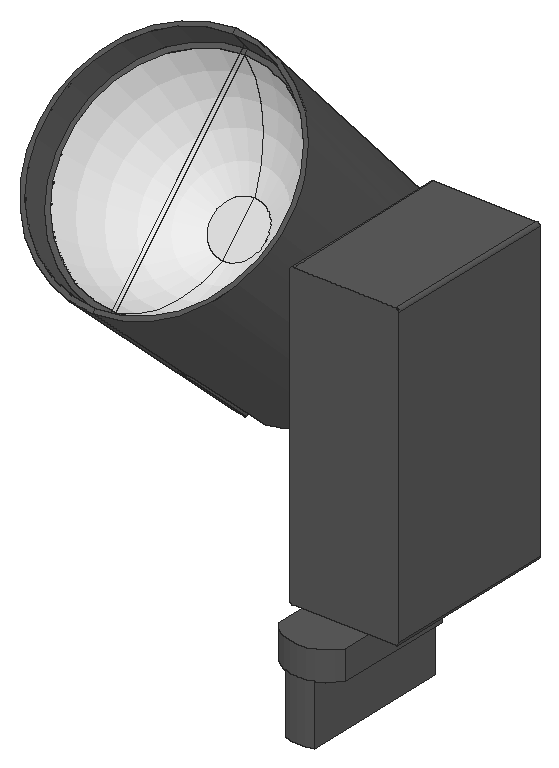
Revit family "0004903 Feilo Sylvania Lighting Fixture START TRACK SPOT L 35W 4K RA90 WB BLACK", category Lighting Fixtures, host Face, Revit 2017
Family settings
  Host = Face
  Round Connector Dimension = Use Diameter
  Part Type = Normal
  OmniClass Number = 23.80.70.00
  OmniClass Title = Lighting
  Cut with Voids When Loaded = No
  Light Source = No
  Shared = No
  Room Calculation Point = No
Parameters (values of type "0004903 START TRACK SPOT L 35W 4K RA90 WB BLACK")
  Weight = "1.368 kg"
  Wattage Comments = ""
  WarrantyStartDate [instance] = "n/a"
  WarrantyGuarantorParts = "n/a"
  WarrantyDurationUnit = "n/a"
  WarrantyDurationParts = "n/a"
  WarrantyDescription = "n/a"
  Voltage = 230 V
  URL = "http://www.sylvania-lighting.com"
  TypeName = "START TRACK SPOT L 35W 4K RA90 WB BLACK"
  TypeHead_FEILO = Start Track Spot Head : 0004903 START TRACK SPOT L 35W 4K RA90 WB BLACK
  TypeBox_FEILO = Start Track Spot Box : Type Large Black
  Type Image = <None>
  Type Comments = "n/a"
  VerticalRotation_FEILO [instance] = 0.00°
  SlideEndAngle_FEILO [instance] = VerticalRotation_FEILO + 180.00°  # 180.00°
  SerialNumber [instance] = "n/a"
  Material_3_FEILO = none
  PowerFactor = 0.93
  PowerConsumption = "35 W"
  NominalLength = 0 mm
  NominalHeight = 240 mm
  NominalDepth = 164 mm
  Name = "START TRACK SPOT L 35W 4K RA90 WB BLACK"
  ModelReference = Name  # "START TRACK SPOT L 35W 4K RA90 WB BLACK"
  ModelNumber = "0004903"
  Model = Name  # "START TRACK SPOT L 35W 4K RA90 WB BLACK"
  Material = "adc12 aluminium housing, polycarbonate diffuser"
  ManufacturerName = "Feilo Sylvania"
  Manufacturer = "Feilo Sylvania"
  LuminousEfficacy = "102 lm/W"
  LuminaireType = ""
  LightOutputRatio = "100"
  LampsType = Lamp  # "LED"
  LampNominalLuminous = "3562 lm"
  LampMacAdamStep = "3"
  LampColourTemperature = "4000 K"
  LampColourRenderingIndex = "90"
  Lamp = "LED"
  Keynote = "16500"
  InstallationDate [instance] = "n/a"
  InputVoltage = "230-240V~"
  InputNominalFrequency = "50/60 Hz"
  IngressProtection = "IP20"
  ImpactProtectionIndex = "IK02"
  IfcExportType = "IfcLightFixtureType"
  IfcExportAs = "IfcLightFixtureType"
  HorizontalRotation_FEILO [instance] = 45.00°
  ExpectedLife = 50000
  ElectricShockClassification = "Class II"
  DurationUnit = "hours"
  DocumentationLiterature = "http://www.sylvania-lighting.com/product/en-int/products/0004903"
  DimmingControlOptions = "Non dimmable"
  Material_2_FEILO = none
  Description = "Integrated LED spotlight, Textured Black - RAL9005, compact and minimalist design, ideal for retail applications, die-cast aluminium body, passive cooling heatsink. Beam angle: 52°, color temperature: 4000K , total system power: 35W, total fixture output: 3562 lm, LOR: 100%, colour rendering: Ra: 90 typical, LED Chromaticity: 3 step MacAdam ellipse, lifetime: >50000 hours at L70B50, energy class: A++, A+, A, IR/UV free light source without heat radiation, operating voltage: 220-240V / 50-60Hz, drive current: 900mA, electronic driver, non-dimmable, power factor: 0.93, electrical protection: Class II, Global Track 3 Phase adapter suitable for Global trac 3-circuit tracks, ingress protection rating: IP20, suitable for internal environment only, horizontal rotation: 355°, vertical tilt: 90°, dimensions: Ø113x164x240, weight: 1.368kg."
  Default Elevation = 1219.2 mm
  CreatedOn = "12/12/2017"
  CreatedBy = ""
  Cost = 0
  built-in parameter 1114216 [instance] = (empty or 0)
  ClassificationValue = "EF_70_80"
  ClassificationName = "Uniclass2015"
  Material_1_FEILO = Body-Sylvania-StartTrackSpot-Black
  BarCode [instance] = "n/a"
  AssetType = "Fixed"
  AssetIdentifier [instance] = "n/a"
  Assembly Code = "D5020200"
  Apparent Load = 35 VA
  Material_4_FEILO = none
Reference planes
  plane 1 "Center (Front/Back)": y = 0
  plane 2: z = 0
  plane 3 "Center (Left/Right)": x = 0
  plane 4: x = 15
  plane 5: x = -15
  plane 6: y = 35
  plane 7: y = -35
  plane 8: z = 13
  plane 9: z = -27
  plane 10: x = 6.5
  plane 11: x = -6.5
  plane 12: y = 27
  plane 13: y = -27
  plane 14: y = 20
Forms (mm)
  Extrusion 1, solid, material "Body-Sylvania-StartTrackSpot-Black" <- "Material_1_FEILO"
    sketch origin (0, 0, 0) x (1, 0, 0) y (0, 1, 0)
      loop
        line (-15, 27) -> (-15, -27)
        arc (-15, -27) -> (0, -35) -> (15, -27) r 18.062
        line (15, -27) -> (15, 27)
        arc (15, 27) -> (0, 35) -> (-15, 27) r 18.062
    from 0 to 13
  Extrusion 2, solid, material "Body-Sylvania-StartTrackSpot-Black" <- "Material_1_FEILO"
    sketch origin (0, 0, 0) x (1, 0, 0) y (0, 1, 0)
      loop
        arc (6.5, 33.79) -> (0, 35) -> (-6.5, 33.79) r 18.062
        line (-6.5, 33.79) -> (-6.5, -33.79)
        arc (-6.5, -33.79) -> (0, -35) -> (6.5, -33.79) r 18.062
        line (6.5, -33.79) -> (6.5, 33.79)
    from 0 to -27
  Revolve 3, solid, not visible
    sketch origin (1524, 20, 1219.2) x (1, 0, 0) y (0, 0, 1)
      loop
        line (-1524, -1206.2) -> (-1524, -1191.285) -> (-1530.5, -1191.285) -> (-1530.5, -1206.2) -> (-1524, -1206.2)
      axis (-1524, -1191.285) -> (-1524, -1206.2)
    angle from 0 <- "VerticalRotation_FEILO" to 180 <- "SlideEndAngle_FEILO"
Cuts and joins
  joined: Extrusion 1, Extrusion 2
Dimensions and locks
  equal spacing: plane 10, plane 3 "Center (Left/Right)", plane 11
  equal spacing: plane 4, plane 3 "Center (Left/Right)", plane 5
  locked: plane 8 to plane 2 at 13
  locked: plane 8 to plane 9 at 40
  equal spacing: plane 13, plane 1 "Center (Front/Back)", plane 12
  locked: plane 12 to plane 6 at 8
  locked: plane 14 to plane 6 at 15
  locked: Revolve 3 sketch curve to plane 8 at 14.915
  aligned and locked: plane 2 to host face
  aligned and locked: level to host face
  aligned and locked: plane 5 to Extrusion 1 sketch curve  (x2)
  aligned and locked: plane 12 to Extrusion 1 sketch curve
  aligned and locked: plane 13 to Extrusion 1 sketch curve
  aligned and locked: plane 4 to Extrusion 1 sketch curve
  aligned and locked: Extrusion 1 to plane 8
  aligned and locked: Extrusion 1 to level
  aligned and locked: Extrusion 2 sketch curve to Extrusion 1  (x2)
  aligned and locked: Extrusion 2 sketch curve to plane 11
  aligned and locked: plane 10 to Extrusion 2 sketch curve
  aligned and locked: plane 9 to Extrusion 2
  aligned and locked: level to Extrusion 2
  aligned and locked: Revolve 3 sketch curve to plane 3 "Center (Left/Right)"  (x2)
  aligned and locked: plane 11 to Revolve 3 sketch curve
  aligned and locked: Revolve 3 sketch curve to plane 8
Automatic sketch dimensions
  host sketch curve to host sketch curve = 2438.4 mm  (x2)
  Extrusion 1 sketch curve to plane 3 "Center (Left/Right)" = 0 mm  (x2)
  Extrusion 1 sketch curve to plane 13 = 10.062 mm
  plane 12 to Extrusion 1 sketch curve = 10.062 mm
  Revolve 3 sketch curve to plane 3 "Center (Left/Right)" = 0 mm
  plane 9 to Revolve 3 sketch curve = 582.6 mm
  Revolve 3 sketch curve to Revolve 3 sketch curve = 2581.144 mm
Nested families
  nested 1: "Start Track Spot Head" at (-75.5, 20, 133) x (0, 0.7071, 0.7071) z (0, 0.7071, -0.7071), type <- "TypeHead_FEILO", type "0004903 START TRACK SPOT L 35W 4K RA90 WB BLACK"
    with built-in parameter 1114216 (empty or 0)
  nested 2: "Start Track Spot Box" at (8.5, 20, 85) x (-1, 0, 0) z (0, -1, 0), BoxStartAngle_FEILO <- "HorizontalRotation_FEILO", type <- "TypeBox_FEILO", type "Type Large Black"
    with BoxStartAngle_FEILO 45.00°, BoxEndAngle_FEILO -135.00°
Connectors
  electrical at (0, 0, 0), driven by "Apparent Load", driven by "PowerFactor", driven by "Voltage"
    settings: index 1, voltage 230 V, apparent load 35 VA, apparent load phase1 0 VA, apparent load phase2 0 VA, apparent load phase3 0 VA, power factor 0.93, load classification "Lighting", number of poles 1, system type 30, power factor state 1, is connector primary yes, connector utility no, sub classification motor no, connector description ""
Definition of nested family "Start Track Spot Head"
  Parameters (values of type "0004811 START TRACK SPOT S 14W 3K RA80 NB WHITE")
    Wattage Comments = "n/a"
    Wattage = 14 W
    built-in parameter 1150110 = 1 (stored number, unit not read)
    URL = "http://www.feilosylvania.com"
    Type Image = (empty or 0)
    Type Comments = "n/a"
    built-in parameter 1114217 = 1 (stored number, unit not read)
    Tilt Angle = -90.00°
    built-in parameter 1150109 = 1 (stored number, unit not read)
    built-in parameter 1150134 = (empty or 0)
    built-in parameter 1150113 = 1 (stored number, unit not read)
    Photometric Web File = "0004811.ies"
    Material_3_FEILO = none
    Model = "START TRACK SPOT S 14W 3K RA80 NB WHITE"
    Manufacturer = "Feilo Sylvania"
    built-in parameter 1150105 = 123.66 (stored number, unit not read)
    Lumens = 1554 lm
    built-in parameter 1150115 = 1 (stored number, unit not read)
    built-in parameter 1150137 = (empty or 0)
    built-in parameter 1150139 = (empty or 0)
    built-in parameter 1150112 = 1 (stored number, unit not read)
    built-in parameter 1150114 = 1 (stored number, unit not read)
    Lamp = "LED"
    Keynote = "16500"
    Material_2_FEILO = none
    built-in parameter 1150132 = (empty or 0)
    built-in parameter 1150102 = (empty or 0)
    built-in parameter 1150107 = 3000 (stored number, unit not read)
    built-in parameter 1150138 = (empty or 0)
    built-in parameter 1150106 = 1.2366 (stored number, unit not read)
    HeadThickness_FEILO = if(HeadDiaOut_FEILO > 112 mm, 2 mm, 1.5 mm)  # 1.5 mm
    HeadRibOffset_FEILO = HeadHeight_FEILO / 28  # 4.179 mm
    HeadRibDepth_FEILO = HeadHeight_FEILO / 2.1  # 55.714 mm
    HeadRibCutWidth_FEILO = HeadDiaOut_FEILO / 12  # 7.167 mm
    HeadRibCutOffset_FEILO = HeadHeight_FEILO / 2.3  # 50.87 mm
    HeadReflectorRadius_FEILO = HeadDiaOut_FEILO / 1.7  # 50.588 mm
    HeadReflectorOffset_FEILO = HeadHeight_FEILO / 2.1  # 55.714 mm
    HeadLEDRadius_FEILO = HeadDiaOut_FEILO / 9  # 9.556 mm
    HeadHeight_FEILO = 117 mm
    HeadDraft_FEILO = 1 mm
    HeadDiffusorThickness_FEILO = 3 mm
    HeadDiffusorOffset_FEILO = HeadHeight_FEILO / 12.4  # 9.435 mm
    HeadDiaOut_FEILO = 86 mm
    HeadDiaIn_FEILO = HeadDiaOut_FEILO / 1.11  # 77.477 mm
    HeadAxisFromTop_FEILO = HeadHeight_FEILO / 1.687  # 69.354 mm
    Emit from Circle Diameter = HeadDiaIn_FEILO  # 77.477 mm
    Emit Shape Visible in Rendering = no
    built-in parameter 1150104 = 10.312 (stored number, unit not read)
    Dimming Lamp Color Temperature Shift = (empty or 0)
    Description = "Integrated LED spotlight, Textured White - RAL9016, compact and minimalist design, ideal for retail applications, die-cast aluminium body, passive cooling heatsink. Beam angle: 12°, color temperature: 3000K , total system power: 14W, total fixture output: 1551 lm, LOR: 100%, colour rendering: Ra: 80 typical, LED Chromaticity: 3 step MacAdam ellipse, lifetime: >50000 hours at L70B50, energy class: A++, A+, A, IR/UV free light source without heat radiation, operating voltage: 220-240V / 50-60Hz, drive current: 350mA, electronic driver, non-dimmable, power factor: 0.92, electrical protection: Class II, Global Track 3 Phase adapter suitable for Global trac 3-circuit tracks, ingress protection rating: IP20, suitable for internal environment only, horizontal rotation: 355°, vertical tilt: 90°, dimensions: Ø86x140x200, weight: 0.940kg."
    Default Elevation = 1219.2 mm
    Cost = 0
    Color Filter = 16777215
    built-in parameter 1114216 [instance] = (empty or 0)
    Material_1_FEILO = none
    built-in parameter 1114218 = 1 (stored number, unit not read)
    built-in parameter 1150133 = 10 (stored number, unit not read)
    Assembly Code = "D5020200"
    Apparent Load = 14 VA
    Material_4_FEILO = none
  Types (96, lengths in mm): name | Wattage | built-in parameter 1150134 | Photometric Web File | Model | built-in parameter 1150105 | Lumens | built-in parameter 1150107 | built-in parameter 1150106 | HeadThickness_FEILO | HeadRibOffset_FEILO | HeadRibDepth_FEILO | HeadRibCutWidth_FEILO | HeadRibCutOffset_FEILO | HeadReflectorRadius_FEILO | HeadReflectorOffset_FEILO | HeadLEDRadius_FEILO | HeadHeight_FEILO | HeadDiffusorOffset_FEILO | HeadDiaOut_FEILO | HeadDiaIn_FEILO | HeadAxisFromTop_FEILO | Emit from Circle Diameter | built-in parameter 1150104 | Description | Apparent Load
    0004906 START TRACK SPOT L 55W 4K RA90 WB BLACK | 55 W | 12 | "0004906.ies" | "START TRACK SPOT L 55W 4K RA90 WB BLACK" | 385.15 (stored number, unit not read) | 4840 lm | 4000 (stored number, unit not read) | 3.8515 (stored number, unit not read) | 2 | 4.429 | 59.048 | 9.417 | 53.913 | 66.471 | 59.048 | 12.556 | 124 | 10 | 113 | 101.802 | 73.503 | 101.802 | 8.1755 (stored number, unit not read) | "Integrated LED spotlight, Textured Black - RAL9005, compact and minimalist design, ideal for retail applications, die-cast aluminium body, passive cooling heatsink. Beam angle: 52°, color temperature: 4000K , total system power: 55W, total fixture output: 4824 lm, LOR: 100%, colour rendering: Ra: 90 typical, LED Chromaticity: 3 step MacAdam ellipse, lifetime: >50000 hours at L70B50, energy class: A++, A+, A, IR/UV free light source without heat radiation, operating voltage: 220-240V / 50-60Hz, drive current: 1400mA, electronic driver, non-dimmable, power factor: 0.96, electrical protection: Class II, Global Track 3 Phase adapter suitable for Global trac 3-circuit tracks, ingress protection rating: IP20, suitable for internal environment only, horizontal rotation: 355°, vertical tilt: 90°, dimensions: Ø113x164x240, weight: 1.398kg." | 55 VA
    0004905 START TRACK SPOT L 55W 4K RA90 MB BLACK | 55 W | 12 | "0004905.ies" | "START TRACK SPOT L 55W 4K RA90 MB BLACK" | 389.53 (stored number, unit not read) | 4895 lm | 4000 (stored number, unit not read) | 3.8953 (stored number, unit not read) | 2 | 4.429 | 59.048 | 9.417 | 53.913 | 66.471 | 59.048 | 12.556 | 124 | 10 | 113 | 101.802 | 73.503 | 101.802 | 8.2684 (stored number, unit not read) | "Integrated LED spotlight, Textured Black - RAL9005, compact and minimalist design, ideal for retail applications, die-cast aluminium body, passive cooling heatsink. Beam angle: 38°, color temperature: 4000K , total system power: 55W, total fixture output: 4897 lm, LOR: 100%, colour rendering: Ra: 90 typical, LED Chromaticity: 3 step MacAdam ellipse, lifetime: >50000 hours at L70B50, energy class: A++, A+, A, IR/UV free light source without heat radiation, operating voltage: 220-240V / 50-60Hz, drive current: 1400mA, electronic driver, non-dimmable, power factor: 0.96, electrical protection: Class II, Global Track 3 Phase adapter suitable for Global trac 3-circuit tracks, ingress protection rating: IP20, suitable for internal environment only, horizontal rotation: 355°, vertical tilt: 90°, dimensions: Ø113x164x240, weight: 1.398kg." | 55 VA
    0004904 START TRACK SPOT L 55W 4K RA90 NB BLACK | 55 W | 12 | "0004904.ies" | "START TRACK SPOT L 55W 4K RA90 NB BLACK" | 393.91 (stored number, unit not read) | 4950 lm | 4000 (stored number, unit not read) | 3.9391 (stored number, unit not read) | 2 | 4.429 | 59.048 | 9.417 | 53.913 | 66.471 | 59.048 | 12.556 | 124 | 10 | 113 | 101.802 | 73.503 | 101.802 | 8.3613 (stored number, unit not read) | "Integrated LED spotlight, Textured Black - RAL9005, compact and minimalist design, ideal for retail applications, die-cast aluminium body, passive cooling heatsink. Beam angle: 15°, color temperature: 4000K , total system power: 55W, total fixture output: 4965 lm, LOR: 100%, colour rendering: Ra: 90 typical, LED Chromaticity: 3 step MacAdam ellipse, lifetime: >50000 hours at L70B50, energy class: A++, A+, A, IR/UV free light source without heat radiation, operating voltage: 220-240V / 50-60Hz, drive current: 1400mA, electronic driver, non-dimmable, power factor: 0.96, electrical protection: Class II, Global Track 3 Phase adapter suitable for Global trac 3-circuit tracks, ingress protection rating: IP20, suitable for internal environment only, horizontal rotation: 355°, vertical tilt: 90°, dimensions: Ø113x164x240, weight: 1.398kg." | 55 VA
    0004903 START TRACK SPOT L 35W 4K RA90 WB BLACK | 35 W | 12 | "0004903.ies" | "START TRACK SPOT L 35W 4K RA90 WB BLACK" | 284.09 (stored number, unit not read) | 3570 lm | 4000 (stored number, unit not read) | 2.8409 (stored number, unit not read) | 2 | 4.429 | 59.048 | 9.417 | 53.913 | 66.471 | 59.048 | 12.556 | 124 | 10 | 113 | 101.802 | 73.503 | 101.802 | 9.4761 (stored number, unit not read) | "Integrated LED spotlight, Textured Black - RAL9005, compact and minimalist design, ideal for retail applications, die-cast aluminium body, passive cooling heatsink. Beam angle: 52°, color temperature: 4000K , total system power: 35W, total fixture output: 3562 lm, LOR: 100%, colour rendering: Ra: 90 typical, LED Chromaticity: 3 step MacAdam ellipse, lifetime: >50000 hours at L70B50, energy class: A++, A+, A, IR/UV free light source without heat radiation, operating voltage: 220-240V / 50-60Hz, drive current: 900mA, electronic driver, non-dimmable, power factor: 0.93, electrical protection: Class II, Global Track 3 Phase adapter suitable for Global trac 3-circuit tracks, ingress protection rating: IP20, suitable for internal environment only, horizontal rotation: 355°, vertical tilt: 90°, dimensions: Ø113x164x240, weight: 1.368kg." | 35 VA
    0004902 START TRACK SPOT L 35W 4K RA90 MB BLACK | 35 W | 12 | "0004902.ies" | "START TRACK SPOT L 35W 4K RA90 MB BLACK" | 286.88 (stored number, unit not read) | 3605 lm | 4000 (stored number, unit not read) | 2.8688 (stored number, unit not read) | 2 | 4.429 | 59.048 | 9.417 | 53.913 | 66.471 | 59.048 | 12.556 | 124 | 10 | 113 | 101.802 | 73.503 | 101.802 | 9.569 (stored number, unit not read) | "Integrated LED spotlight, Textured Black - RAL9005, compact and minimalist design, ideal for retail applications, die-cast aluminium body, passive cooling heatsink. Beam angle: 38°, color temperature: 4000K , total system power: 35W, total fixture output: 3616 lm, LOR: 100%, colour rendering: Ra: 90 typical, LED Chromaticity: 3 step MacAdam ellipse, lifetime: >50000 hours at L70B50, energy class: A++, A+, A, IR/UV free light source without heat radiation, operating voltage: 220-240V / 50-60Hz, drive current: 900mA, electronic driver, non-dimmable, power factor: 0.93, electrical protection: Class II, Global Track 3 Phase adapter suitable for Global trac 3-circuit tracks, ingress protection rating: IP20, suitable for internal environment only, horizontal rotation: 355°, vertical tilt: 90°, dimensions: Ø113x164x240, weight: 1.368kg." | 35 VA
    0004901 START TRACK SPOT L 35W 4K RA90 NB BLACK | 35 W | 12 | "0004901.ies" | "START TRACK SPOT L 35W 4K RA90 NB BLACK" | 286.88 (stored number, unit not read) | 3605 lm | 4000 (stored number, unit not read) | 2.8688 (stored number, unit not read) | 2 | 4.429 | 59.048 | 9.417 | 53.913 | 66.471 | 59.048 | 12.556 | 124 | 10 | 113 | 101.802 | 73.503 | 101.802 | 9.569 (stored number, unit not read) | "Integrated LED spotlight, Textured Black - RAL9005, compact and minimalist design, ideal for retail applications, die-cast aluminium body, passive cooling heatsink. Beam angle: 15°, color temperature: 4000K , total system power: 35W, total fixture output: 3593 lm, LOR: 100%, colour rendering: Ra: 90 typical, LED Chromaticity: 3 step MacAdam ellipse, lifetime: >50000 hours at L70B50, energy class: A++, A+, A, IR/UV free light source without heat radiation, operating voltage: 220-240V / 50-60Hz, drive current: 900mA, electronic driver, non-dimmable, power factor: 0.93, electrical protection: Class II, Global Track 3 Phase adapter suitable for Global trac 3-circuit tracks, ingress protection rating: IP20, suitable for internal environment only, horizontal rotation: 355°, vertical tilt: 90°, dimensions: Ø113x164x240, weight: 1.368kg." | 35 VA
    0004900 START TRACK SPOT S 24W 4K RA90 WB BLACK | 24 W | 12 | "0004900.ies" | "START TRACK SPOT S 24W 4K RA90 WB BLACK" | 166.16 (stored number, unit not read) | 2088 lm | 4000 (stored number, unit not read) | 1.6616 (stored number, unit not read) | 1.5 | 4.179 | 55.714 | 7.167 | 50.87 | 50.588 | 55.714 | 9.556 | 117 | 9.435 | 86 | 77.477 | 69.354 | 77.477 | 8.0826 (stored number, unit not read) | "Integrated LED spotlight, Textured Black - RAL9005, compact and minimalist design, ideal for retail applications, die-cast aluminium body, passive cooling heatsink. Beam angle: 64°, color temperature: 4000K , total system power: 24W, total fixture output: 2087 lm, LOR: 100%, colour rendering: Ra: 90 typical, LED Chromaticity: 3 step MacAdam ellipse, lifetime: >50000 hours at L70B50, energy class: A++, A+, A, IR/UV free light source without heat radiation, operating voltage: 220-240V / 50-60Hz, drive current: 600mA, electronic driver, non-dimmable, power factor: 0.95, electrical protection: Class II, Global Track 3 Phase adapter suitable for Global trac 3-circuit tracks, ingress protection rating: IP20, suitable for internal environment only, horizontal rotation: 355°, vertical tilt: 90°, dimensions: Ø86x140x200, weight: 0.966kg." | 24 VA
    0004899 START TRACK SPOT S 24W 4K RA90 MB BLACK | 24 W | 12 | "0004899.ies" | "START TRACK SPOT S 24W 4K RA90 MB BLACK" | 169.98 (stored number, unit not read) | 2136 lm | 4000 (stored number, unit not read) | 1.6998 (stored number, unit not read) | 1.5 | 4.179 | 55.714 | 7.167 | 50.87 | 50.588 | 55.714 | 9.556 | 117 | 9.435 | 86 | 77.477 | 69.354 | 77.477 | 8.2684 (stored number, unit not read) | "Integrated LED spotlight, Textured Black - RAL9005, compact and minimalist design, ideal for retail applications, die-cast aluminium body, passive cooling heatsink. Beam angle: 36°, color temperature: 4000K , total system power: 24W, total fixture output: 2141 lm, LOR: 100%, colour rendering: Ra: 90 typical, LED Chromaticity: 3 step MacAdam ellipse, lifetime: >50000 hours at L70B50, energy class: A++, A+, A, IR/UV free light source without heat radiation, operating voltage: 220-240V / 50-60Hz, drive current: 600mA, electronic driver, non-dimmable, power factor: 0.95, electrical protection: Class II, Global Track 3 Phase adapter suitable for Global trac 3-circuit tracks, ingress protection rating: IP20, suitable for internal environment only, horizontal rotation: 355°, vertical tilt: 90°, dimensions: Ø86x140x200, weight: 0.966kg." | 24 VA
    0004898 START TRACK SPOT S 24W 4K RA90 NB BLACK | 24 W | 12 | "0004898.ies" | "START TRACK SPOT S 24W 4K RA90 NB BLACK" | 171.89 (stored number, unit not read) | 2160 lm | 4000 (stored number, unit not read) | 1.7189 (stored number, unit not read) | 1.5 | 4.179 | 55.714 | 7.167 | 50.87 | 50.588 | 55.714 | 9.556 | 117 | 9.435 | 86 | 77.477 | 69.354 | 77.477 | 8.3613 (stored number, unit not read) | "Integrated LED spotlight, Textured Black - RAL9005, compact and minimalist design, ideal for retail applications, die-cast aluminium body, passive cooling heatsink. Beam angle: 12°, color temperature: 4000K , total system power: 24W, total fixture output: 2155 lm, LOR: 100%, colour rendering: Ra: 90 typical, LED Chromaticity: 3 step MacAdam ellipse, lifetime: >50000 hours at L70B50, energy class: A++, A+, A, IR/UV free light source without heat radiation, operating voltage: 220-240V / 50-60Hz, drive current: 600mA, electronic driver, non-dimmable, power factor: 0.95, electrical protection: Class II, Global Track 3 Phase adapter suitable for Global trac 3-circuit tracks, ingress protection rating: IP20, suitable for internal environment only, horizontal rotation: 355°, vertical tilt: 90°, dimensions: Ø86x140x200, weight: 0.966kg." | 24 VA
    0004897 START TRACK SPOT S 14W 4K RA90 WB BLACK | 14 W | 12 | "0004897.ies" | "START TRACK SPOT S 14W 4K RA90 WB BLACK" | 108.07 (stored number, unit not read) | 1358 lm | 4000 (stored number, unit not read) | 1.0807 (stored number, unit not read) | 1.5 | 4.179 | 55.714 | 7.167 | 50.87 | 50.588 | 55.714 | 9.556 | 117 | 9.435 | 86 | 77.477 | 69.354 | 77.477 | 9.0116 (stored number, unit not read) | "Integrated LED spotlight, Textured Black - RAL9005, compact and minimalist design, ideal for retail applications, die-cast aluminium body, passive cooling heatsink. Beam angle: 64°, color temperature: 4000K , total system power: 14W, total fixture output: 1352 lm, LOR: 100%, colour rendering: Ra: 90 typical, LED Chromaticity: 3 step MacAdam ellipse, lifetime: >50000 hours at L70B50, energy class: A++, A+, A, IR/UV free light source without heat radiation, operating voltage: 220-240V / 50-60Hz, drive current: 350mA, electronic driver, non-dimmable, power factor: 0.92, electrical protection: Class II, Global Track 3 Phase adapter suitable for Global trac 3-circuit tracks, ingress protection rating: IP20, suitable for internal environment only, horizontal rotation: 355°, vertical tilt: 90°, dimensions: Ø86x140x200, weight: 0.940kg." | 14 VA
    0004896 START TRACK SPOT S 14W 4K RA90 MB BLACK | 14 W | 12 | "0004896.ies" | "START TRACK SPOT S 14W 4K RA90 MB BLACK" | 108.07 (stored number, unit not read) | 1358 lm | 4000 (stored number, unit not read) | 1.0807 (stored number, unit not read) | 1.5 | 4.179 | 55.714 | 7.167 | 50.87 | 50.588 | 55.714 | 9.556 | 117 | 9.435 | 86 | 77.477 | 69.354 | 77.477 | 9.0116 (stored number, unit not read) | "Integrated LED spotlight, Textured Black - RAL9005, compact and minimalist design, ideal for retail applications, die-cast aluminium body, passive cooling heatsink. Beam angle: 36°, color temperature: 4000K , total system power: 14W, total fixture output: 1359 lm, LOR: 100%, colour rendering: Ra: 90 typical, LED Chromaticity: 3 step MacAdam ellipse, lifetime: >50000 hours at L70B50, energy class: A++, A+, A, IR/UV free light source without heat radiation, operating voltage: 220-240V / 50-60Hz, drive current: 350mA, electronic driver, non-dimmable, power factor: 0.92, electrical protection: Class II, Global Track 3 Phase adapter suitable for Global trac 3-circuit tracks, ingress protection rating: IP20, suitable for internal environment only, horizontal rotation: 355°, vertical tilt: 90°, dimensions: Ø86x140x200, weight: 0.940kg." | 14 VA
    0004895 START TRACK SPOT S 14W 4K RA90 NB BLACK | 14 W | 12 | "0004895.ies" | "START TRACK SPOT S 14W 4K RA90 NB BLACK" | 106.95 (stored number, unit not read) | 1344 lm | 4000 (stored number, unit not read) | 1.0695 (stored number, unit not read) | 1.5 | 4.179 | 55.714 | 7.167 | 50.87 | 50.588 | 55.714 | 9.556 | 117 | 9.435 | 86 | 77.477 | 69.354 | 77.477 | 8.9187 (stored number, unit not read) | "Integrated LED spotlight, Textured Black - RAL9005, compact and minimalist design, ideal for retail applications, die-cast aluminium body, passive cooling heatsink. Beam angle: 12°, color temperature: 4000K , total system power: 14W, total fixture output: 1349 lm, LOR: 100%, colour rendering: Ra: 90 typical, LED Chromaticity: 3 step MacAdam ellipse, lifetime: >50000 hours at L70B50, energy class: A++, A+, A, IR/UV free light source without heat radiation, operating voltage: 220-240V / 50-60Hz, drive current: 350mA, electronic driver, non-dimmable, power factor: 0.92, electrical protection: Class II, Global Track 3 Phase adapter suitable for Global trac 3-circuit tracks, ingress protection rating: IP20, suitable for internal environment only, horizontal rotation: 355°, vertical tilt: 90°, dimensions: Ø86x140x200, weight: 0.940kg." | 14 VA
    0004894 START TRACK SPOT L 55W 3K RA90 WB BLACK | 55 W | (empty or 0) | "0004894.ies" | "START TRACK SPOT L 55W 3K RA90 WB BLACK" | 350.14 (stored number, unit not read) | 4400 lm | 3000 (stored number, unit not read) | 3.5014 (stored number, unit not read) | 2 | 4.429 | 59.048 | 9.417 | 53.913 | 66.471 | 59.048 | 12.556 | 124 | 10 | 113 | 101.802 | 73.503 | 101.802 | 7.4322 (stored number, unit not read) | "Integrated LED spotlight, Textured Black - RAL9005, compact and minimalist design, ideal for retail applications, die-cast aluminium body, passive cooling heatsink. Beam angle: 52°, color temperature: 3000K , total system power: 55W, total fixture output: 4405 lm, LOR: 100%, colour rendering: Ra: 90 typical, LED Chromaticity: 3 step MacAdam ellipse, lifetime: >50000 hours at L70B50, energy class: A++, A+, A, IR/UV free light source without heat radiation, operating voltage: 220-240V / 50-60Hz, drive current: 1400mA, electronic driver, non-dimmable, power factor: 0.96, electrical protection: Class II, Global Track 3 Phase adapter suitable for Global trac 3-circuit tracks, ingress protection rating: IP20, suitable for internal environment only, horizontal rotation: 355°, vertical tilt: 90°, dimensions: Ø113x164x240, weight: 1.398kg." | 55 VA
    0004893 START TRACK SPOT L 55W 3K RA90 MB BLACK | 55 W | (empty or 0) | "0004893.ies" | "START TRACK SPOT L 55W 3K RA90 MB BLACK" | 354.52 (stored number, unit not read) | 4455 lm | 3000 (stored number, unit not read) | 3.5452 (stored number, unit not read) | 2 | 4.429 | 59.048 | 9.417 | 53.913 | 66.471 | 59.048 | 12.556 | 124 | 10 | 113 | 101.802 | 73.503 | 101.802 | 7.5251 (stored number, unit not read) | "Integrated LED spotlight, Textured Black - RAL9005, compact and minimalist design, ideal for retail applications, die-cast aluminium body, passive cooling heatsink. Beam angle: 38°, color temperature: 3000K , total system power: 55W, total fixture output: 4448 lm, LOR: 100%, colour rendering: Ra: 90 typical, LED Chromaticity: 3 step MacAdam ellipse, lifetime: >50000 hours at L70B50, energy class: A++, A+, A, IR/UV free light source without heat radiation, operating voltage: 220-240V / 50-60Hz, drive current: 1400mA, electronic driver, non-dimmable, power factor: 0.96, electrical protection: Class II, Global Track 3 Phase adapter suitable for Global trac 3-circuit tracks, ingress protection rating: IP20, suitable for internal environment only, horizontal rotation: 355°, vertical tilt: 90°, dimensions: Ø113x164x240, weight: 1.398kg." | 55 VA
    0004892 START TRACK SPOT L 55W 3K RA90 NB BLACK | 55 W | (empty or 0) | "0004892.ies" | "START TRACK SPOT L 55W 3K RA90 NB BLACK" | 350.14 (stored number, unit not read) | 4400 lm | 3000 (stored number, unit not read) | 3.5014 (stored number, unit not read) | 2 | 4.429 | 59.048 | 9.417 | 53.913 | 66.471 | 59.048 | 12.556 | 124 | 10 | 113 | 101.802 | 73.503 | 101.802 | 7.4322 (stored number, unit not read) | "Integrated LED spotlight, Textured Black - RAL9005, compact and minimalist design, ideal for retail applications, die-cast aluminium body, passive cooling heatsink. Beam angle: 15°, color temperature: 3000K , total system power: 55W, total fixture output: 4416 lm, LOR: 100%, colour rendering: Ra: 90 typical, LED Chromaticity: 3 step MacAdam ellipse, lifetime: >50000 hours at L70B50, energy class: A++, A+, A, IR/UV free light source without heat radiation, operating voltage: 220-240V / 50-60Hz, drive current: 1400mA, electronic driver, non-dimmable, power factor: 0.96, electrical protection: Class II, Global Track 3 Phase adapter suitable for Global trac 3-circuit tracks, ingress protection rating: IP20, suitable for internal environment only, horizontal rotation: 355°, vertical tilt: 90°, dimensions: Ø113x164x240, weight: 1.398kg." | 55 VA
    0004891 START TRACK SPOT L 35W 3K RA90 WB BLACK | 35 W | (empty or 0) | "0004891.ies" | "START TRACK SPOT L 35W 3K RA90 WB BLACK" | 259.02 (stored number, unit not read) | 3255 lm | 3000 (stored number, unit not read) | 2.5902 (stored number, unit not read) | 2 | 4.429 | 59.048 | 9.417 | 53.913 | 66.471 | 59.048 | 12.556 | 124 | 10 | 113 | 101.802 | 73.503 | 101.802 | 8.64 (stored number, unit not read) | "Integrated LED spotlight, Textured Black - RAL9005, compact and minimalist design, ideal for retail applications, die-cast aluminium body, passive cooling heatsink. Beam angle: 52°, color temperature: 3000K , total system power: 35W, total fixture output: 3260 lm, LOR: 100%, colour rendering: Ra: 90 typical, LED Chromaticity: 3 step MacAdam ellipse, lifetime: >50000 hours at L70B50, energy class: A++, A+, A, IR/UV free light source without heat radiation, operating voltage: 220-240V / 50-60Hz, drive current: 900mA, electronic driver, non-dimmable, power factor: 0.93, electrical protection: Class II, Global Track 3 Phase adapter suitable for Global trac 3-circuit tracks, ingress protection rating: IP20, suitable for internal environment only, horizontal rotation: 355°, vertical tilt: 90°, dimensions: Ø113x164x240, weight: 1.368kg." | 35 VA
    0004890 START TRACK SPOT L 35W 3K RA90 MB BLACK | 35 W | (empty or 0) | "0004890.ies" | "START TRACK SPOT L 35W 3K RA90 MB BLACK" | 261.81 (stored number, unit not read) | 3290 lm | 3000 (stored number, unit not read) | 2.6181 (stored number, unit not read) | 2 | 4.429 | 59.048 | 9.417 | 53.913 | 66.471 | 59.048 | 12.556 | 124 | 10 | 113 | 101.802 | 73.503 | 101.802 | 8.7329 (stored number, unit not read) | "Integrated LED spotlight, Textured Black - RAL9005, compact and minimalist design, ideal for retail applications, die-cast aluminium body, passive cooling heatsink. Beam angle: 38°, color temperature: 3000K , total system power: 35W, total fixture output: 3306 lm, LOR: 100%, colour rendering: Ra: 90 typical, LED Chromaticity: 3 step MacAdam ellipse, lifetime: >50000 hours at L70B50, energy class: A++, A+, A, IR/UV free light source without heat radiation, operating voltage: 220-240V / 50-60Hz, drive current: 900mA, electronic driver, non-dimmable, power factor: 0.93, electrical protection: Class II, Global Track 3 Phase adapter suitable for Global trac 3-circuit tracks, ingress protection rating: IP20, suitable for internal environment only, horizontal rotation: 355°, vertical tilt: 90°, dimensions: Ø113x164x240, weight: 1.368kg." | 35 VA
    0004889 START TRACK SPOT L 35W 3K RA90 NB BLACK | 35 W | (empty or 0) | "0004889.ies" | "START TRACK SPOT L 35W 3K RA90 NB BLACK" | 261.81 (stored number, unit not read) | 3290 lm | 3000 (stored number, unit not read) | 2.6181 (stored number, unit not read) | 2 | 4.429 | 59.048 | 9.417 | 53.913 | 66.471 | 59.048 | 12.556 | 124 | 10 | 113 | 101.802 | 73.503 | 101.802 | 8.7329 (stored number, unit not read) | "Integrated LED spotlight, Textured Black - RAL9005, compact and minimalist design, ideal for retail applications, die-cast aluminium body, passive cooling heatsink. Beam angle: 15°, color temperature: 3000K , total system power: 35W, total fixture output: 3287 lm, LOR: 100%, colour rendering: Ra: 90 typical, LED Chromaticity: 3 step MacAdam ellipse, lifetime: >50000 hours at L70B50, energy class: A++, A+, A, IR/UV free light source without heat radiation, operating voltage: 220-240V / 50-60Hz, drive current: 900mA, electronic driver, non-dimmable, power factor: 0.93, electrical protection: Class II, Global Track 3 Phase adapter suitable for Global trac 3-circuit tracks, ingress protection rating: IP20, suitable for internal environment only, horizontal rotation: 355°, vertical tilt: 90°, dimensions: Ø113x164x240, weight: 1.368kg." | 35 VA
    0004888 START TRACK SPOT S 24W 3K RA90 WB BLACK | 24 W | (empty or 0) | "0004888.ies" | "START TRACK SPOT S 24W 3K RA90 WB BLACK" | 152.79 (stored number, unit not read) | 1920 lm | 3000 (stored number, unit not read) | 1.5279 (stored number, unit not read) | 1.5 | 4.179 | 55.714 | 7.167 | 50.87 | 50.588 | 55.714 | 9.556 | 117 | 9.435 | 86 | 77.477 | 69.354 | 77.477 | 7.4322 (stored number, unit not read) | "Integrated LED spotlight, Textured Black - RAL9005, compact and minimalist design, ideal for retail applications, die-cast aluminium body, passive cooling heatsink. Beam angle: 64°, color temperature: 3000K , total system power: 24W, total fixture output: 1928 lm, LOR: 100%, colour rendering: Ra: 90 typical, LED Chromaticity: 3 step MacAdam ellipse, lifetime: >50000 hours at L70B50, energy class: A++, A+, A, IR/UV free light source without heat radiation, operating voltage: 220-240V / 50-60Hz, drive current: 600mA, electronic driver, non-dimmable, power factor: 0.95, electrical protection: Class II, Global Track 3 Phase adapter suitable for Global trac 3-circuit tracks, ingress protection rating: IP20, suitable for internal environment only, horizontal rotation: 355°, vertical tilt: 90°, dimensions: Ø86x140x200, weight: 0.966kg." | 24 VA
    0004887 START TRACK SPOT S 24W 3K RA90 MB BLACK | 24 W | (empty or 0) | "0004887.ies" | "START TRACK SPOT S 24W 3K RA90 MB BLACK" | 154.7 (stored number, unit not read) | 1944 lm | 3000 (stored number, unit not read) | 1.547 (stored number, unit not read) | 1.5 | 4.179 | 55.714 | 7.167 | 50.87 | 50.588 | 55.714 | 9.556 | 117 | 9.435 | 86 | 77.477 | 69.354 | 77.477 | 7.5251 (stored number, unit not read) | "Integrated LED spotlight, Textured Black - RAL9005, compact and minimalist design, ideal for retail applications, die-cast aluminium body, passive cooling heatsink. Beam angle: 36°, color temperature: 3000K , total system power: 24W, total fixture output: 1944 lm, LOR: 100%, colour rendering: Ra: 90 typical, LED Chromaticity: 3 step MacAdam ellipse, lifetime: >50000 hours at L70B50, energy class: A++, A+, A, IR/UV free light source without heat radiation, operating voltage: 220-240V / 50-60Hz, drive current: 600mA, electronic driver, non-dimmable, power factor: 0.95, electrical protection: Class II, Global Track 3 Phase adapter suitable for Global trac 3-circuit tracks, ingress protection rating: IP20, suitable for internal environment only, horizontal rotation: 355°, vertical tilt: 90°, dimensions: Ø86x140x200, weight: 0.966kg." | 24 VA
    0004886 START TRACK SPOT S 24W 3K RA90 NB BLACK | 24 W | (empty or 0) | "0004886.ies" | "START TRACK SPOT S 24W 3K RA90 NB BLACK" | 158.52 (stored number, unit not read) | 1992 lm | 3000 (stored number, unit not read) | 1.5852 (stored number, unit not read) | 1.5 | 4.179 | 55.714 | 7.167 | 50.87 | 50.588 | 55.714 | 9.556 | 117 | 9.435 | 86 | 77.477 | 69.354 | 77.477 | 7.711 (stored number, unit not read) | "Integrated LED spotlight, Textured Black - RAL9005, compact and minimalist design, ideal for retail applications, die-cast aluminium body, passive cooling heatsink. Beam angle: 12°, color temperature: 3000K , total system power: 24W, total fixture output: 1987 lm, LOR: 100%, colour rendering: Ra: 90 typical, LED Chromaticity: 3 step MacAdam ellipse, lifetime: >50000 hours at L70B50, energy class: A++, A+, A, IR/UV free light source without heat radiation, operating voltage: 220-240V / 50-60Hz, drive current: 600mA, electronic driver, non-dimmable, power factor: 0.95, electrical protection: Class II, Global Track 3 Phase adapter suitable for Global trac 3-circuit tracks, ingress protection rating: IP20, suitable for internal environment only, horizontal rotation: 355°, vertical tilt: 90°, dimensions: Ø86x140x200, weight: 0.966kg." | 24 VA
    0004885 START TRACK SPOT S 14W 3K RA90 WB BLACK | 14 W | (empty or 0) | "0004885.ies" | "START TRACK SPOT S 14W 3K RA90 WB BLACK" | 100.27 (stored number, unit not read) | 1260 lm | 3000 (stored number, unit not read) | 1.0027 (stored number, unit not read) | 1.5 | 4.179 | 55.714 | 7.167 | 50.87 | 50.588 | 55.714 | 9.556 | 117 | 9.435 | 86 | 77.477 | 69.354 | 77.477 | 8.3613 (stored number, unit not read) | "Integrated LED spotlight, Textured Black - RAL9005, compact and minimalist design, ideal for retail applications, die-cast aluminium body, passive cooling heatsink. Beam angle: 64°, color temperature: 3000K , total system power: 14W, total fixture output: 1262 lm, LOR: 100%, colour rendering: Ra: 90 typical, LED Chromaticity: 3 step MacAdam ellipse, lifetime: >50000 hours at L70B50, energy class: A++, A+, A, IR/UV free light source without heat radiation, operating voltage: 220-240V / 50-60Hz, drive current: 350mA, electronic driver, non-dimmable, power factor: 0.92, electrical protection: Class II, Global Track 3 Phase adapter suitable for Global trac 3-circuit tracks, ingress protection rating: IP20, suitable for internal environment only, horizontal rotation: 355°, vertical tilt: 90°, dimensions: Ø86x140x200, weight: 0.940kg." | 14 VA
    0004884 START TRACK SPOT S 14W 3K RA90 MB BLACK | 14 W | (empty or 0) | "0004884.ies" | "START TRACK SPOT S 14W 3K RA90 MB BLACK" | 100.27 (stored number, unit not read) | 1260 lm | 3000 (stored number, unit not read) | 1.0027 (stored number, unit not read) | 1.5 | 4.179 | 55.714 | 7.167 | 50.87 | 50.588 | 55.714 | 9.556 | 117 | 9.435 | 86 | 77.477 | 69.354 | 77.477 | 8.3613 (stored number, unit not read) | "Integrated LED spotlight, Textured Black - RAL9005, compact and minimalist design, ideal for retail applications, die-cast aluminium body, passive cooling heatsink. Beam angle: 36°, color temperature: 3000K , total system power: 14W, total fixture output: 1262 lm, LOR: 100%, colour rendering: Ra: 90 typical, LED Chromaticity: 3 step MacAdam ellipse, lifetime: >50000 hours at L70B50, energy class: A++, A+, A, IR/UV free light source without heat radiation, operating voltage: 220-240V / 50-60Hz, drive current: 350mA, electronic driver, non-dimmable, power factor: 0.92, electrical protection: Class II, Global Track 3 Phase adapter suitable for Global trac 3-circuit tracks, ingress protection rating: IP20, suitable for internal environment only, horizontal rotation: 355°, vertical tilt: 90°, dimensions: Ø86x140x200, weight: 0.940kg." | 14 VA
    0004883 START TRACK SPOT S 14W 3K RA90 NB BLACK | 14 W | (empty or 0) | "0004883.ies" | "START TRACK SPOT S 14W 3K RA90 NB BLACK" | 102.5 (stored number, unit not read) | 1288 lm | 3000 (stored number, unit not read) | 1.025 (stored number, unit not read) | 1.5 | 4.179 | 55.714 | 7.167 | 50.87 | 50.588 | 55.714 | 9.556 | 117 | 9.435 | 86 | 77.477 | 69.354 | 77.477 | 8.5471 (stored number, unit not read) | "Integrated LED spotlight, Textured Black - RAL9005, compact and minimalist design, ideal for retail applications, die-cast aluminium body, passive cooling heatsink. Beam angle: 12°, color temperature: 3000K , total system power: 14W, total fixture output: 1284 lm, LOR: 100%, colour rendering: Ra: 90 typical, LED Chromaticity: 3 step MacAdam ellipse, lifetime: >50000 hours at L70B50, energy class: A++, A+, A, IR/UV free light source without heat radiation, operating voltage: 220-240V / 50-60Hz, drive current: 350mA, electronic driver, non-dimmable, power factor: 0.92, electrical protection: Class II, Global Track 3 Phase adapter suitable for Global trac 3-circuit tracks, ingress protection rating: IP20, suitable for internal environment only, horizontal rotation: 355°, vertical tilt: 90°, dimensions: Ø86x140x200, weight: 0.940kg." | 14 VA
    0004882 START TRACK SPOT L 55W 4K RA90 WB WHITE | 55 W | 12 | "0004882.ies" | "START TRACK SPOT L 55W 4K RA90 WB WHITE" | 385.15 (stored number, unit not read) | 4840 lm | 4000 (stored number, unit not read) | 3.8515 (stored number, unit not read) | 2 | 4.429 | 59.048 | 9.417 | 53.913 | 66.471 | 59.048 | 12.556 | 124 | 10 | 113 | 101.802 | 73.503 | 101.802 | 8.1755 (stored number, unit not read) | "Integrated LED spotlight, Textured White - RAL9016, compact and minimalist design, ideal for retail applications, die-cast aluminium body, passive cooling heatsink. Beam angle: 52°, color temperature: 4000K , total system power: 55W, total fixture output: 4824 lm, LOR: 100%, colour rendering: Ra: 90 typical, LED Chromaticity: 3 step MacAdam ellipse, lifetime: >50000 hours at L70B50, energy class: A++, A+, A, IR/UV free light source without heat radiation, operating voltage: 220-240V / 50-60Hz, drive current: 1400mA, electronic driver, non-dimmable, power factor: 0.96, electrical protection: Class II, Global Track 3 Phase adapter suitable for Global trac 3-circuit tracks, ingress protection rating: IP20, suitable for internal environment only, horizontal rotation: 355°, vertical tilt: 90°, dimensions: Ø113x164x240, weight: 1.398kg." | 55 VA
    0004881 START TRACK SPOT L 55W 4K RA90 MB WHITE | 55 W | 12 | "0004881.ies" | "START TRACK SPOT L 55W 4K RA90 MB WHITE" | 389.53 (stored number, unit not read) | 4895 lm | 4000 (stored number, unit not read) | 3.8953 (stored number, unit not read) | 2 | 4.429 | 59.048 | 9.417 | 53.913 | 66.471 | 59.048 | 12.556 | 124 | 10 | 113 | 101.802 | 73.503 | 101.802 | 8.2684 (stored number, unit not read) | "Integrated LED spotlight, Textured White - RAL9016, compact and minimalist design, ideal for retail applications, die-cast aluminium body, passive cooling heatsink. Beam angle: 38°, color temperature: 4000K , total system power: 55W, total fixture output: 4897 lm, LOR: 100%, colour rendering: Ra: 90 typical, LED Chromaticity: 3 step MacAdam ellipse, lifetime: >50000 hours at L70B50, energy class: A++, A+, A, IR/UV free light source without heat radiation, operating voltage: 220-240V / 50-60Hz, drive current: 1400mA, electronic driver, non-dimmable, power factor: 0.96, electrical protection: Class II, Global Track 3 Phase adapter suitable for Global trac 3-circuit tracks, ingress protection rating: IP20, suitable for internal environment only, horizontal rotation: 355°, vertical tilt: 90°, dimensions: Ø113x164x240, weight: 1.398kg." | 55 VA
    0004880 START TRACK SPOT L 55W 4K RA90 NB WHITE | 55 W | 12 | "0004880.ies" | "START TRACK SPOT L 55W 4K RA90 NB WHITE" | 393.91 (stored number, unit not read) | 4950 lm | 4000 (stored number, unit not read) | 3.9391 (stored number, unit not read) | 2 | 4.429 | 59.048 | 9.417 | 53.913 | 66.471 | 59.048 | 12.556 | 124 | 10 | 113 | 101.802 | 73.503 | 101.802 | 8.3613 (stored number, unit not read) | "Integrated LED spotlight, Textured White - RAL9016, compact and minimalist design, ideal for retail applications, die-cast aluminium body, passive cooling heatsink. Beam angle: 15°, color temperature: 4000K , total system power: 55W, total fixture output: 4965 lm, LOR: 100%, colour rendering: Ra: 90 typical, LED Chromaticity: 3 step MacAdam ellipse, lifetime: >50000 hours at L70B50, energy class: A++, A+, A, IR/UV free light source without heat radiation, operating voltage: 220-240V / 50-60Hz, drive current: 1400mA, electronic driver, non-dimmable, power factor: 0.96, electrical protection: Class II, Global Track 3 Phase adapter suitable for Global trac 3-circuit tracks, ingress protection rating: IP20, suitable for internal environment only, horizontal rotation: 355°, vertical tilt: 90°, dimensions: Ø113x164x240, weight: 1.398kg." | 55 VA
    0004879 START TRACK SPOT L 35W 4K RA90 WB WHITE | 35 W | 12 | "0004879.ies" | "START TRACK SPOT L 35W 4K RA90 WB WHITE" | 284.09 (stored number, unit not read) | 3570 lm | 4000 (stored number, unit not read) | 2.8409 (stored number, unit not read) | 2 | 4.429 | 59.048 | 9.417 | 53.913 | 66.471 | 59.048 | 12.556 | 124 | 10 | 113 | 101.802 | 73.503 | 101.802 | 9.4761 (stored number, unit not read) | "Integrated LED spotlight, Textured White - RAL9016, compact and minimalist design, ideal for retail applications, die-cast aluminium body, passive cooling heatsink. Beam angle: 52°, color temperature: 4000K , total system power: 35W, total fixture output: 3562 lm, LOR: 100%, colour rendering: Ra: 90 typical, LED Chromaticity: 3 step MacAdam ellipse, lifetime: >50000 hours at L70B50, energy class: A++, A+, A, IR/UV free light source without heat radiation, operating voltage: 220-240V / 50-60Hz, drive current: 900mA, electronic driver, non-dimmable, power factor: 0.93, electrical protection: Class II, Global Track 3 Phase adapter suitable for Global trac 3-circuit tracks, ingress protection rating: IP20, suitable for internal environment only, horizontal rotation: 355°, vertical tilt: 90°, dimensions: Ø113x164x240, weight: 1.368kg." | 35 VA
    0004878 START TRACK SPOT L 35W 4K RA90 MB WHITE | 35 W | 12 | "0004878.ies" | "START TRACK SPOT L 35W 4K RA90 MB WHITE" | 286.88 (stored number, unit not read) | 3605 lm | 4000 (stored number, unit not read) | 2.8688 (stored number, unit not read) | 2 | 4.429 | 59.048 | 9.417 | 53.913 | 66.471 | 59.048 | 12.556 | 124 | 10 | 113 | 101.802 | 73.503 | 101.802 | 9.569 (stored number, unit not read) | "Integrated LED spotlight, Textured White - RAL9016, compact and minimalist design, ideal for retail applications, die-cast aluminium body, passive cooling heatsink. Beam angle: 38°, color temperature: 4000K , total system power: 35W, total fixture output: 3616 lm, LOR: 100%, colour rendering: Ra: 90 typical, LED Chromaticity: 3 step MacAdam ellipse, lifetime: >50000 hours at L70B50, energy class: A++, A+, A, IR/UV free light source without heat radiation, operating voltage: 220-240V / 50-60Hz, drive current: 900mA, electronic driver, non-dimmable, power factor: 0.93, electrical protection: Class II, Global Track 3 Phase adapter suitable for Global trac 3-circuit tracks, ingress protection rating: IP20, suitable for internal environment only, horizontal rotation: 355°, vertical tilt: 90°, dimensions: Ø113x164x240, weight: 1.368kg." | 35 VA
    0004877 START TRACK SPOT L 35W 4K RA90 NB WHITE | 35 W | 12 | "0004877.ies" | "START TRACK SPOT L 35W 4K RA90 NB WHITE" | 286.88 (stored number, unit not read) | 3605 lm | 4000 (stored number, unit not read) | 2.8688 (stored number, unit not read) | 2 | 4.429 | 59.048 | 9.417 | 53.913 | 66.471 | 59.048 | 12.556 | 124 | 10 | 113 | 101.802 | 73.503 | 101.802 | 9.569 (stored number, unit not read) | "Integrated LED spotlight, Textured White - RAL9016, compact and minimalist design, ideal for retail applications, die-cast aluminium body, passive cooling heatsink. Beam angle: 15°, color temperature: 4000K , total system power: 35W, total fixture output: 3593 lm, LOR: 100%, colour rendering: Ra: 90 typical, LED Chromaticity: 3 step MacAdam ellipse, lifetime: >50000 hours at L70B50, energy class: A++, A+, A, IR/UV free light source without heat radiation, operating voltage: 220-240V / 50-60Hz, drive current: 900mA, electronic driver, non-dimmable, power factor: 0.93, electrical protection: Class II, Global Track 3 Phase adapter suitable for Global trac 3-circuit tracks, ingress protection rating: IP20, suitable for internal environment only, horizontal rotation: 355°, vertical tilt: 90°, dimensions: Ø113x164x240, weight: 1.368kg." | 35 VA
    0004876 START TRACK SPOT S 24W 4K RA90 WB WHITE | 24 W | 12 | "0004876.ies" | "START TRACK SPOT S 24W 4K RA90 WB WHITE" | 166.16 (stored number, unit not read) | 2088 lm | 4000 (stored number, unit not read) | 1.6616 (stored number, unit not read) | 1.5 | 4.179 | 55.714 | 7.167 | 50.87 | 50.588 | 55.714 | 9.556 | 117 | 9.435 | 86 | 77.477 | 69.354 | 77.477 | 8.0826 (stored number, unit not read) | "Integrated LED spotlight, Textured White - RAL9016, compact and minimalist design, ideal for retail applications, die-cast aluminium body, passive cooling heatsink. Beam angle: 64°, color temperature: 4000K , total system power: 24W, total fixture output: 2087 lm, LOR: 100%, colour rendering: Ra: 90 typical, LED Chromaticity: 3 step MacAdam ellipse, lifetime: >50000 hours at L70B50, energy class: A++, A+, A, IR/UV free light source without heat radiation, operating voltage: 220-240V / 50-60Hz, drive current: 600mA, electronic driver, non-dimmable, power factor: 0.95, electrical protection: Class II, Global Track 3 Phase adapter suitable for Global trac 3-circuit tracks, ingress protection rating: IP20, suitable for internal environment only, horizontal rotation: 355°, vertical tilt: 90°, dimensions: Ø86x140x200, weight: 0.966kg." | 24 VA
    0004875 START TRACK SPOT S 24W 4K RA90 MB WHITE | 24 W | 12 | "0004875.ies" | "START TRACK SPOT S 24W 4K RA90 MB WHITE" | 169.98 (stored number, unit not read) | 2136 lm | 4000 (stored number, unit not read) | 1.6998 (stored number, unit not read) | 1.5 | 4.179 | 55.714 | 7.167 | 50.87 | 50.588 | 55.714 | 9.556 | 117 | 9.435 | 86 | 77.477 | 69.354 | 77.477 | 8.2684 (stored number, unit not read) | "Integrated LED spotlight, Textured White - RAL9016, compact and minimalist design, ideal for retail applications, die-cast aluminium body, passive cooling heatsink. Beam angle: 36°, color temperature: 4000K , total system power: 24W, total fixture output: 2141 lm, LOR: 100%, colour rendering: Ra: 90 typical, LED Chromaticity: 3 step MacAdam ellipse, lifetime: >50000 hours at L70B50, energy class: A++, A+, A, IR/UV free light source without heat radiation, operating voltage: 220-240V / 50-60Hz, drive current: 600mA, electronic driver, non-dimmable, power factor: 0.95, electrical protection: Class II, Global Track 3 Phase adapter suitable for Global trac 3-circuit tracks, ingress protection rating: IP20, suitable for internal environment only, horizontal rotation: 355°, vertical tilt: 90°, dimensions: Ø86x140x200, weight: 0.966kg." | 24 VA
    0004874 START TRACK SPOT S 24W 4K RA90 NB WHITE | 24 W | 12 | "0004874.ies" | "START TRACK SPOT S 24W 4K RA90 NB WHITE" | 171.89 (stored number, unit not read) | 2160 lm | 4000 (stored number, unit not read) | 1.7189 (stored number, unit not read) | 1.5 | 4.179 | 55.714 | 7.167 | 50.87 | 50.588 | 55.714 | 9.556 | 117 | 9.435 | 86 | 77.477 | 69.354 | 77.477 | 8.3613 (stored number, unit not read) | "Integrated LED spotlight, Textured White - RAL9016, compact and minimalist design, ideal for retail applications, die-cast aluminium body, passive cooling heatsink. Beam angle: 12°, color temperature: 4000K , total system power: 24W, total fixture output: 2155 lm, LOR: 100%, colour rendering: Ra: 90 typical, LED Chromaticity: 3 step MacAdam ellipse, lifetime: >50000 hours at L70B50, energy class: A++, A+, A, IR/UV free light source without heat radiation, operating voltage: 220-240V / 50-60Hz, drive current: 600mA, electronic driver, non-dimmable, power factor: 0.95, electrical protection: Class II, Global Track 3 Phase adapter suitable for Global trac 3-circuit tracks, ingress protection rating: IP20, suitable for internal environment only, horizontal rotation: 355°, vertical tilt: 90°, dimensions: Ø86x140x200, weight: 0.966kg." | 24 VA
    0004873 START TRACK SPOT S 14W 4K RA90 WB WHITE | 14 W | 12 | "0004873.ies" | "START TRACK SPOT S 14W 4K RA90 WB WHITE" | 108.07 (stored number, unit not read) | 1358 lm | 4000 (stored number, unit not read) | 1.0807 (stored number, unit not read) | 1.5 | 4.179 | 55.714 | 7.167 | 50.87 | 50.588 | 55.714 | 9.556 | 117 | 9.435 | 86 | 77.477 | 69.354 | 77.477 | 9.0116 (stored number, unit not read) | "Integrated LED spotlight, Textured White - RAL9016, compact and minimalist design, ideal for retail applications, die-cast aluminium body, passive cooling heatsink. Beam angle: 64°, color temperature: 4000K , total system power: 14W, total fixture output: 1352 lm, LOR: 100%, colour rendering: Ra: 90 typical, LED Chromaticity: 3 step MacAdam ellipse, lifetime: >50000 hours at L70B50, energy class: A++, A+, A, IR/UV free light source without heat radiation, operating voltage: 220-240V / 50-60Hz, drive current: 350mA, electronic driver, non-dimmable, power factor: 0.92, electrical protection: Class II, Global Track 3 Phase adapter suitable for Global trac 3-circuit tracks, ingress protection rating: IP20, suitable for internal environment only, horizontal rotation: 355°, vertical tilt: 90°, dimensions: Ø86x140x200, weight: 0.940kg." | 14 VA
    0004872 START TRACK SPOT S 14W 4K RA90 MB WHITE | 14 W | 12 | "0004872.ies" | "START TRACK SPOT S 14W 4K RA90 MB WHITE" | 108.07 (stored number, unit not read) | 1358 lm | 4000 (stored number, unit not read) | 1.0807 (stored number, unit not read) | 1.5 | 4.179 | 55.714 | 7.167 | 50.87 | 50.588 | 55.714 | 9.556 | 117 | 9.435 | 86 | 77.477 | 69.354 | 77.477 | 9.0116 (stored number, unit not read) | "Integrated LED spotlight, Textured White - RAL9016, compact and minimalist design, ideal for retail applications, die-cast aluminium body, passive cooling heatsink. Beam angle: 36°, color temperature: 4000K , total system power: 14W, total fixture output: 1359 lm, LOR: 100%, colour rendering: Ra: 90 typical, LED Chromaticity: 3 step MacAdam ellipse, lifetime: >50000 hours at L70B50, energy class: A++, A+, A, IR/UV free light source without heat radiation, operating voltage: 220-240V / 50-60Hz, drive current: 350mA, electronic driver, non-dimmable, power factor: 0.92, electrical protection: Class II, Global Track 3 Phase adapter suitable for Global trac 3-circuit tracks, ingress protection rating: IP20, suitable for internal environment only, horizontal rotation: 355°, vertical tilt: 90°, dimensions: Ø86x140x200, weight: 0.940kg." | 14 VA
    0004871 START TRACK SPOT S 14W 4K RA90 NB WHITE | 14 W | 12 | "0004871.ies" | "START TRACK SPOT S 14W 4K RA90 NB WHITE" | 106.95 (stored number, unit not read) | 1344 lm | 4000 (stored number, unit not read) | 1.0695 (stored number, unit not read) | 1.5 | 4.179 | 55.714 | 7.167 | 50.87 | 50.588 | 55.714 | 9.556 | 117 | 9.435 | 86 | 77.477 | 69.354 | 77.477 | 8.9187 (stored number, unit not read) | "Integrated LED spotlight, Textured White - RAL9016, compact and minimalist design, ideal for retail applications, die-cast aluminium body, passive cooling heatsink. Beam angle: 12°, color temperature: 4000K , total system power: 14W, total fixture output: 1349 lm, LOR: 100%, colour rendering: Ra: 90 typical, LED Chromaticity: 3 step MacAdam ellipse, lifetime: >50000 hours at L70B50, energy class: A++, A+, A, IR/UV free light source without heat radiation, operating voltage: 220-240V / 50-60Hz, drive current: 350mA, electronic driver, non-dimmable, power factor: 0.92, electrical protection: Class II, Global Track 3 Phase adapter suitable for Global trac 3-circuit tracks, ingress protection rating: IP20, suitable for internal environment only, horizontal rotation: 355°, vertical tilt: 90°, dimensions: Ø86x140x200, weight: 0.940kg." | 14 VA
    0004870 START TRACK SPOT L 55W 3K RA90 WB WHITE | 55 W | (empty or 0) | "0004870.ies" | "START TRACK SPOT L 55W 3K RA90 WB WHITE" | 350.14 (stored number, unit not read) | 4400 lm | 3000 (stored number, unit not read) | 3.5014 (stored number, unit not read) | 2 | 4.429 | 59.048 | 9.417 | 53.913 | 66.471 | 59.048 | 12.556 | 124 | 10 | 113 | 101.802 | 73.503 | 101.802 | 7.4322 (stored number, unit not read) | "Integrated LED spotlight, Textured White - RAL9016, compact and minimalist design, ideal for retail applications, die-cast aluminium body, passive cooling heatsink. Beam angle: 52°, color temperature: 3000K , total system power: 55W, total fixture output: 4405 lm, LOR: 100%, colour rendering: Ra: 90 typical, LED Chromaticity: 3 step MacAdam ellipse, lifetime: >50000 hours at L70B50, energy class: A++, A+, A, IR/UV free light source without heat radiation, operating voltage: 220-240V / 50-60Hz, drive current: 1400mA, electronic driver, non-dimmable, power factor: 0.96, electrical protection: Class II, Global Track 3 Phase adapter suitable for Global trac 3-circuit tracks, ingress protection rating: IP20, suitable for internal environment only, horizontal rotation: 355°, vertical tilt: 90°, dimensions: Ø113x164x240, weight: 1.398kg." | 55 VA
    0004869 START TRACK SPOT L 55W 3K RA90 MB WHITE | 55 W | (empty or 0) | "0004869.ies" | "START TRACK SPOT L 55W 3K RA90 MB WHITE" | 354.52 (stored number, unit not read) | 4455 lm | 3000 (stored number, unit not read) | 3.5452 (stored number, unit not read) | 2 | 4.429 | 59.048 | 9.417 | 53.913 | 66.471 | 59.048 | 12.556 | 124 | 10 | 113 | 101.802 | 73.503 | 101.802 | 7.5251 (stored number, unit not read) | "Integrated LED spotlight, Textured White - RAL9016, compact and minimalist design, ideal for retail applications, die-cast aluminium body, passive cooling heatsink. Beam angle: 38°, color temperature: 3000K , total system power: 55W, total fixture output: 4448 lm, LOR: 100%, colour rendering: Ra: 90 typical, LED Chromaticity: 3 step MacAdam ellipse, lifetime: >50000 hours at L70B50, energy class: A++, A+, A, IR/UV free light source without heat radiation, operating voltage: 220-240V / 50-60Hz, drive current: 1400mA, electronic driver, non-dimmable, power factor: 0.96, electrical protection: Class II, Global Track 3 Phase adapter suitable for Global trac 3-circuit tracks, ingress protection rating: IP20, suitable for internal environment only, horizontal rotation: 355°, vertical tilt: 90°, dimensions: Ø113x164x240, weight: 1.398kg." | 55 VA
    0004868 START TRACK SPOT L 55W 3K RA90 NB WHITE | 55 W | (empty or 0) | "0004868.ies" | "START TRACK SPOT L 55W 3K RA90 NB WHITE" | 350.14 (stored number, unit not read) | 4400 lm | 3000 (stored number, unit not read) | 3.5014 (stored number, unit not read) | 2 | 4.429 | 59.048 | 9.417 | 53.913 | 66.471 | 59.048 | 12.556 | 124 | 10 | 113 | 101.802 | 73.503 | 101.802 | 7.4322 (stored number, unit not read) | "Integrated LED spotlight, Textured White - RAL9016, compact and minimalist design, ideal for retail applications, die-cast aluminium body, passive cooling heatsink. Beam angle: 15°, color temperature: 3000K , total system power: 55W, total fixture output: 4416 lm, LOR: 100%, colour rendering: Ra: 90 typical, LED Chromaticity: 3 step MacAdam ellipse, lifetime: >50000 hours at L70B50, energy class: A++, A+, A, IR/UV free light source without heat radiation, operating voltage: 220-240V / 50-60Hz, drive current: 1400mA, electronic driver, non-dimmable, power factor: 0.96, electrical protection: Class II, Global Track 3 Phase adapter suitable for Global trac 3-circuit tracks, ingress protection rating: IP20, suitable for internal environment only, horizontal rotation: 355°, vertical tilt: 90°, dimensions: Ø113x164x240, weight: 1.398kg." | 55 VA
    0004867 START TRACK SPOT L 35W 3K RA90 WB WHITE | 35 W | (empty or 0) | "0004867.ies" | "START TRACK SPOT L 35W 3K RA90 WB WHITE" | 259.02 (stored number, unit not read) | 3255 lm | 3000 (stored number, unit not read) | 2.5902 (stored number, unit not read) | 2 | 4.429 | 59.048 | 9.417 | 53.913 | 66.471 | 59.048 | 12.556 | 124 | 10 | 113 | 101.802 | 73.503 | 101.802 | 8.64 (stored number, unit not read) | "Integrated LED spotlight, Textured White - RAL9016, compact and minimalist design, ideal for retail applications, die-cast aluminium body, passive cooling heatsink. Beam angle: 52°, color temperature: 3000K , total system power: 35W, total fixture output: 3260 lm, LOR: 100%, colour rendering: Ra: 90 typical, LED Chromaticity: 3 step MacAdam ellipse, lifetime: >50000 hours at L70B50, energy class: A++, A+, A, IR/UV free light source without heat radiation, operating voltage: 220-240V / 50-60Hz, drive current: 900mA, electronic driver, non-dimmable, power factor: 0.93, electrical protection: Class II, Global Track 3 Phase adapter suitable for Global trac 3-circuit tracks, ingress protection rating: IP20, suitable for internal environment only, horizontal rotation: 355°, vertical tilt: 90°, dimensions: Ø113x164x240, weight: 1.368kg." | 35 VA
    0004866 START TRACK SPOT L 35W 3K RA90 MB WHITE | 35 W | (empty or 0) | "0004866.ies" | "START TRACK SPOT L 35W 3K RA90 MB WHITE" | 261.81 (stored number, unit not read) | 3290 lm | 3000 (stored number, unit not read) | 2.6181 (stored number, unit not read) | 2 | 4.429 | 59.048 | 9.417 | 53.913 | 66.471 | 59.048 | 12.556 | 124 | 10 | 113 | 101.802 | 73.503 | 101.802 | 8.7329 (stored number, unit not read) | "Integrated LED spotlight, Textured White - RAL9016, compact and minimalist design, ideal for retail applications, die-cast aluminium body, passive cooling heatsink. Beam angle: 38°, color temperature: 3000K , total system power: 35W, total fixture output: 3306 lm, LOR: 100%, colour rendering: Ra: 90 typical, LED Chromaticity: 3 step MacAdam ellipse, lifetime: >50000 hours at L70B50, energy class: A++, A+, A, IR/UV free light source without heat radiation, operating voltage: 220-240V / 50-60Hz, drive current: 900mA, electronic driver, non-dimmable, power factor: 0.93, electrical protection: Class II, Global Track 3 Phase adapter suitable for Global trac 3-circuit tracks, ingress protection rating: IP20, suitable for internal environment only, horizontal rotation: 355°, vertical tilt: 90°, dimensions: Ø113x164x240, weight: 1.368kg." | 35 VA
    0004865 START TRACK SPOT L 35W 3K RA90 NB WHITE | 35 W | (empty or 0) | "0004865.ies" | "START TRACK SPOT L 35W 3K RA90 NB WHITE" | 261.81 (stored number, unit not read) | 3290 lm | 3000 (stored number, unit not read) | 2.6181 (stored number, unit not read) | 2 | 4.429 | 59.048 | 9.417 | 53.913 | 66.471 | 59.048 | 12.556 | 124 | 10 | 113 | 101.802 | 73.503 | 101.802 | 8.7329 (stored number, unit not read) | "Integrated LED spotlight, Textured White - RAL9016, compact and minimalist design, ideal for retail applications, die-cast aluminium body, passive cooling heatsink. Beam angle: 15°, color temperature: 3000K , total system power: 35W, total fixture output: 3287 lm, LOR: 100%, colour rendering: Ra: 90 typical, LED Chromaticity: 3 step MacAdam ellipse, lifetime: >50000 hours at L70B50, energy class: A++, A+, A, IR/UV free light source without heat radiation, operating voltage: 220-240V / 50-60Hz, drive current: 900mA, electronic driver, non-dimmable, power factor: 0.93, electrical protection: Class II, Global Track 3 Phase adapter suitable for Global trac 3-circuit tracks, ingress protection rating: IP20, suitable for internal environment only, horizontal rotation: 355°, vertical tilt: 90°, dimensions: Ø113x164x240, weight: 1.368kg." | 35 VA
